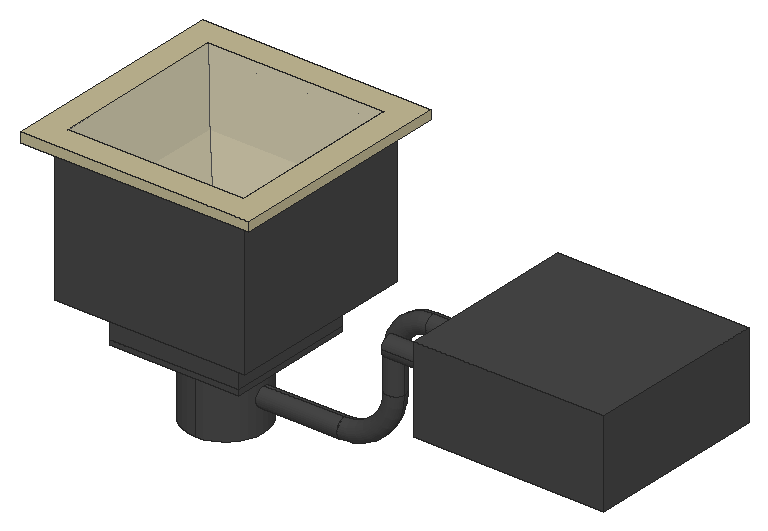
Revit family "J315", category Lighting Fixtures, host Face, Revit 2012
Parameters (values of type "J315_13W_Xicato_1100_lm_3000K")
  ceiling thickness = -1 1/2"
  Width = 16 1/4"
  Wattage Comments = "13W"
  Wattage = 13 W
  built-in parameter 1150110 = 1 (stored number, unit not read)
  Voltage = 120 V
  URL = "http://www.kurtversen.com/"
  built-in parameter 1114217 = 1 (stored number, unit not read)
  Tilt Angle = -90.00°
  built-in parameter 1150109 = 1 (stored number, unit not read)
  built-in parameter 1150134 = (empty or 0)
  built-in parameter 1150113 = 1 (stored number, unit not read)
  Product Page URL = "http://www.kurtversen.com/products/j315/"
  Product Documentation Link = "http://www.kurtversen.com/content/products/specs/specs_files/kv_j315_page.pdf"
  Photometric Web File = "J315_13W_Xicato_1100_lm_3000K.ies"
  Model = "J315"  # constant formula
  Manufacturer Phone = "(201)-664-8200"  # constant formula
  Manufacturer Fax = "(201)-664-4801"  # constant formula
  Manufacturer = "Kurtversen Lighting"  # constant formula
  built-in parameter 1150105 = 52.76 (stored number, unit not read)
  Lumens = 663 lm
  built-in parameter 1150115 = 1 (stored number, unit not read)
  built-in parameter 1150137 = (empty or 0)
  built-in parameter 1150139 = (empty or 0)
  Length = 16 1/16"
  built-in parameter 1150112 = 1 (stored number, unit not read)
  built-in parameter 1150114 = 1 (stored number, unit not read)
  Lamp = "LED Lamp"
  built-in parameter 1150132 = (empty or 0)
  built-in parameter 1150102 = (empty or 0)
  built-in parameter 1150107 = 3000 (stored number, unit not read)
  built-in parameter 1150138 = (empty or 0)
  built-in parameter 1150106 = 0.5276 (stored number, unit not read)
  Finish = Matte Black
  Emit from Line Length = 1"
  built-in parameter 1150104 = 4.7381 (stored number, unit not read)
  Dimming Lamp Color Temperature Shift = <None>
  Description = "Lens Wall Wash, 3 1/2 inch Square Aperture"  # constant formula
  Depth = 6 3/4"
  Default Elevation = 48"
  Cone Finish = J315 Cone : Gold cone
  Color Filter = 16777215
  built-in parameter 1114218 = 1 (stored number, unit not read)
  built-in parameter 1150133 = 10 (stored number, unit not read)
  Apparent Load = 13 VA
  Aperture = 3 1/2"
Types (4): name | Wattage Comments | Photometric Web File | Apparent Load
  (no name) | "13W" | "J315_13W_Xicato_1100_lm_3000K.ies" | 13 VA
  J315_13W_Xicato_1100_lm_3000K | "13W" | "J315_13W_Xicato_1100_lm_3000K.ies" | 13 VA
  J315_18W_Xicato_1500_lm_3000K | "18W" | "J315_18W_Xicato_1500_lm_3000K.ies" | 18 VA
  J315_24W_Xicato_2100_lm_3000K | "24W" | "J315_24W_Xicato_2100_lm_3000K.ies" | 24 VA
Reference planes (in)
  plane 1 "Center (Front/Back)": y = 0
  plane 2: z = 0
  plane 3 "Center (Left/Right)": x = -0.3335
  plane 4: y = 2.375
  plane 5: z = -6.75
  plane 6: y = -2.375
  plane 7: y = 8.03125
  plane 8: y = -8.03125
  plane 9: y = 6.03125
  plane 10: y = -6.03125
  plane 11: x = -6.125
  plane 12: x = 5.45799
  plane 13: y = 1.375
  plane 14: y = -1.375
  plane 15: y = -6.53125
  plane 16: y = 6.53125
  plane 17: z = -3.75
  plane 18: x = 2.1665
  plane 19: x = -2.8335
  plane 20: y = -1
  plane 21: y = 1
  plane 22: z = -1.5
  plane 23: x = 6.5
  plane 24: x = 11.5
  plane 25: x = 5
Forms (in)
  Extrusion 1, void
    sketch origin (0, 6.03125, -1.375) x (1, 0, 0) y (0, -1, 0)
      loop
        line (-2.8335, 3.53125) -> (2.1665, 3.53125) -> (2.1665, 8.53125) -> (-2.8335, 8.53125) -> (-2.8335, 3.53125)
    from -1.375 to 2.375
  Extrusion 2, void
    sketch origin (-0.3335, 0, 0) x (0, 1, 0) y (0, 0, 1)
      loop
        line (2.375, 0) -> (-2.375, 0) -> (-2.375, -1.5) -> (2.375, -1.5) -> (2.375, 0)
    from 2.5 to -2.5
  Extrusion 3, solid, material "Matte Black" <- "Finish"
    sketch origin (-2.02817, 1.69467, -3.75) x (0, -1, 0) y (1, 0, 0)
      loop
        line (0, 0) -> (3.38934, 0) -> (3.38934, 3.38934) -> (0, 3.38934) -> (0, 0)
      loop
        line (0.07295, 0.07295) -> (3.31689, 0.07295) -> (3.31689, 3.31689) -> (0.07295, 3.31689) -> (0.07295, 0.07295)
    from 0 to -1
  Extrusion 4, solid, material "Matte Black" <- "Finish"
    sketch origin (-2.02817, 1.69467, -4.75) x (1, 0, 0) y (0, -1, 0)
      loop
        line (0, 0) -> (3.38934, 0) -> (3.38934, 3.38934) -> (0, 3.38934) -> (0, 0)
    from 0 to 0.125
  Extrusion 5, solid, material "Matte Black" <- "Finish"
    sketch origin (-2.02817, 1.69467, -4.875) x (0, 1, 0) y (1, 0, 0)
      loop
        circle (-1.69467, 1.69467) r 1
    from 0 to 1.875
  Extrusion 6, solid, material "Matte Black" <- "Finish"
    sketch origin (0, 0, 0) x (1, 0, 0) y (0, 1, 0)
      loop
        line (6.5, 2.375) -> (6.5, -2.375) -> (11.5, -2.375) -> (11.5, 2.375) -> (6.5, 2.375)
    from -1.5 to -3.75
  Sweep 7, solid, material "Matte Black" <- "Finish"
    path origin (0, 0, 0) x (1, 0, 0) y (0, 0, 1)
      loop
        line (6.625, -2.625) -> (5.125, -2.625)
        arc (5.125, -2.625) -> (4.41789, -2.91789) -> (4.125, -3.625) r 1
        line (4.125, -3.625) -> (4.125, -4.5415)
        arc (4.125, -4.5415) -> (3.73443, -5.48443) -> (2.7915, -5.875) r 1.3335
        line (2.7915, -5.875) -> (0.5415, -5.875)
    profile origin (5.875, 0, -2.625) x (0, 0, -1) y (0, -1, 0)
      loop
        circle (0, 0) r 0.25
  Extrusion 8, solid, material "Matte Black" <- "Finish"
    sketch origin (6.5, 1.625, 0) x (0, 1, 0) y (0, 0, -1)
      loop
        circle (-2.92227, 2.59146) r 0.25
    from 0 to 1.5
Cuts and joins
  joined: Extrusion 4, Extrusion 5
  joined: Extrusion 6, Sweep 7, Extrusion 8
Lines and regions (in)
  reference lines
    curve 1: arc (6.5, -1.54727, -2.59146) -> (6.5, -1.29727, -2.34146) -> (6.5, -1.04727, -2.59146) r 0.25
    curve 2: arc (6.5, -1.04727, -2.59146) -> (6.5, -1.29727, -2.84146) -> (6.5, -1.54727, -2.59146) r 0.25
    curve 3: arc (-0.3335, -1, -4.875) -> (-1.3335, 0, -4.875) -> (-0.3335, 1, -4.875) r 1
    curve 4: arc (-0.3335, 1, -4.875) -> (0.6665, 0, -4.875) -> (-0.3335, -1, -4.875) r 1
Dimensions and locks (in)
  locked: host sketch curve to host sketch curve at 48  (x2)
  equal spacing: host sketch curve, plane 3 "Center (Left/Right)", host sketch curve
  equal spacing: host sketch curve, plane 1 "Center (Front/Back)", host sketch curve
  plane 3 "Center (Left/Right)" to host sketch curve = 24"
  plane 1 "Center (Front/Back)" to host sketch curve = 24"
  "Depth": plane 2 to plane 5
  equal spacing: plane 4, plane 1 "Center (Front/Back)", plane 6
  plane 4 to plane 6 = 4 3/4"
  equal spacing: plane 8, plane 1 "Center (Front/Back)", plane 7
  "Length": plane 8 to plane 7
  equal spacing: plane 10, plane 1 "Center (Front/Back)", plane 9
  locked: plane 8 to plane 10 at 2
  equal spacing: plane 11, plane 3 "Center (Left/Right)", plane 12
  equal spacing: plane 13, plane 1 "Center (Front/Back)", plane 14
  plane 4 to plane 13 = 1"
  equal spacing: plane 15, plane 1 "Center (Front/Back)", plane 16
  locked: plane 15 to plane 10 at 0.5
  plane 2 to plane 17 = 3 3/4"
  Extrusion 1 sketch curve to plane 3 "Center (Left/Right)" to Extrusion 1 sketch curve = 2 1/2", 2 1/2"
  plane 1 "Center (Front/Back)" to Extrusion 1 sketch curve = 2 1/2"
  plane 19 to plane 3 "Center (Left/Right)" to plane 18 = 2 1/2" locked, 2 1/2" locked
  plane 20 to plane 1 "Center (Front/Back)" to plane 21 = 1" locked, 1" locked
  equal spacing: plane 18, plane 3 "Center (Left/Right)", plane 19
  plane 18 to plane 19 = 5"
  host face to plane 5 = 6 3/4"
  nested 1 to plane 23 = 3.8335"
  locked: plane 23 to plane 24 at 5
  locked: plane 25 to cut or joined group of Extrusion 6, Sweep 7, Extrusion 8 at 1.5
  locked: Sweep 7 sketch curve to plane 17 at 1.125
  locked: Sweep 7 sketch curve to plane 25 at 0.875
  locked: Sweep 7 sketch curve to plane 5 at 0.875
  aligned and locked: plane 2 to host face
  aligned and locked: level to host face
  aligned and locked: Extrusion 1 to plane 17
  aligned and locked: Extrusion 1 to plane 18
  aligned and locked: plane 3 "Center (Left/Right)" to imposter light
  aligned and locked: level to Extrusion 2 sketch curve
  aligned and locked: Extrusion 2 sketch curve to plane 4
  aligned and locked: Extrusion 2 to plane 18
  aligned and locked: Extrusion 2 to Extrusion 1
  aligned and locked: plane 1 "Center (Front/Back)" to nested 1
  aligned and locked: level to Extrusion 1
  aligned and locked: Extrusion 3 sketch curve to nested 1  (x7)
  aligned and locked: nested 1 to Extrusion 3 sketch curve
  aligned and locked: Extrusion 4 sketch curve to nested 1  (x4)
  aligned and locked: Extrusion 5 to plane 5
  aligned and locked: Extrusion 6 sketch curve to plane 6
  aligned and locked: plane 4 to Extrusion 6 sketch curve
  aligned and locked: plane 23 to Extrusion 6
  aligned and locked: Extrusion 6 sketch curve to plane 23
  aligned and locked: plane 24 to Extrusion 6 sketch curve
  aligned and locked: Extrusion 6 to plane 17
  aligned and locked: curve 2 to Extrusion 8
  aligned and locked: plane 25 to Extrusion 8
  aligned and locked: imposter light to nested 1
  aligned and locked: imposter light to plane 1 "Center (Front/Back)"
  aligned and locked: curve 3 to cut or joined group of Extrusion 4, Extrusion 5
  aligned and locked: curve 4 to cut or joined group of Extrusion 4, Extrusion 5
Automatic sketch dimensions
  Extrusion 2 sketch curve to plane 6 = 0"
  Extrusion 2 sketch curve to level = 1 1/2"
  plane 6 to Extrusion 1 sketch curve = 1/8"
  Extrusion 4 to Extrusion 5 sketch curve = 1.69467"  (x2)
  plane 3 "Center (Left/Right)" to Sweep 7 sketch curve = 7/8"
  Sweep 7 sketch curve to plane 18 = 5/8"
  Sweep 7 sketch curve to plane 23 = 1/8"
  plane 17 to Sweep 7 sketch curve = 1/8"
  Sweep 7 sketch curve to plane 1 "Center (Front/Back)" = 0"
  Sweep 7 sketch curve to profile plane = 0"
  Extrusion 8 sketch curve to Extrusion 6 = 1.07773"
  Extrusion 6 to Extrusion 8 sketch curve = 1.09146"
  curve 1 to curve 1 = 1/4"
  curve 1 to curve 2 = 0"  (x2)
  curve 3 to curve 4 = 0"  (x2)
  curve 3 to curve 4 = 1"
  radius of Extrusion 5 sketch curve = 1"
  radius of Sweep 7 sketch curve = 1/4"
  radius of Extrusion 8 sketch curve = 1/4"
Nested families (in)
  nested 1: "J315 Cone" at (-0.3335, 0, 0), type <- "Cone Finish", Aperture <- "Aperture", type "Gold cone"
    with Finish Matte Black, Ceiling Cut Out 5", Aperture 3 1/2"
Connectors (in)
  electrical at (-0.3335, 0, -6.75), driven by "Voltage", driven by "Description"
    settings: on cut or joined group of Extrusion 4, Extrusion 5, index 1, voltage 120 V, apparent load 0 VA, apparent load phase1 0 VA, apparent load phase2 0 VA, apparent load phase3 0 VA, power factor 1, load classification "Other", number of poles 1, system type 30, power factor state 1, is connector primary yes, connector utility no, sub classification motor no, connector description "Lens Wall Wash, 3 1/2 inch Square Aperture"
Definition of nested family "J315 Cone"
  Parameters (values of type "Pewter Cone")
    ceiling thickness = -6"
    Voltage = 120 V
    URL = "http://www.kurtversen.com/"
    Product Page URL = ""
    Product Documentation Link = ""
    Model = ""
    Manufacturer Phone = "(201)-664-8200"  # constant formula
    Manufacturer Fax = "(201)-664-4801"  # constant formula
    Manufacturer = "kurtversen Lighting"  # constant formula
    Inputs Watts = 0 W
    Glass = White Glass
    Finish [instance] = Matte Black
    Description = ""
    Default Elevation = 48"
    Cone Finish = Pewter
    Ceiling Cut Out [instance] = 3 7/8"
    Apparent Load = 0 VA
    Aperture [instance] = 3 1/2"
  Types (4): name | Model | Cone Finish | Ceiling Cut Out | Aperture
    Black Cone | "B3232" | Matte Black | 5" | 4 1/2"
    Gold cone | "B3232" | Gold | 5" | 4 1/2"
    Wheat Cone | "B3232" | Wheat | 5" | 4 1/2"
    Pewter Cone | "" | Pewter | 3 7/8" | 3 1/2"
  Reference planes (in)
    plane 1 "Center (Front/Back)": y = 0
    plane 2: z = 0
    plane 3 "Center (Left/Right)": x = 0
    plane 4: y = 1.9375
    plane 5: y = -1.9375
    plane 6: z = -3.75
    plane 7: y = 1.75
    plane 8: y = -1.75
    plane 9: z = 0.25
    plane 10: y = -2.4375
    plane 11: y = 2.4375
    plane 12: y = 0.25
    plane 13: y = -0.25
    plane 14: z = -3.5
    plane 15: y = 1.8125
    plane 16: x = -1.5
    plane 17: x = 1.5
    plane 18: x = 1.75
    plane 19: y = -1.8125
    plane 20: x = -1.75
    plane 21: x = -1.9375
    plane 22: x = 1.9375
    plane 23: x = -1.875
    plane 24: x = 1.875
  Forms (in)
    Extrusion 1, solid
      sketch origin (0, 0, 0) x (1, 0, 0) y (0, 1, 0)
        loop
          line (-24, 24) -> (-24, -24) -> (24, -24) -> (24, 24) -> (-24, 24)
      from 0 to -6 <- "ceiling thickness"
    Sweep 2, solid, material "Matte Black" <- "Finish"
      path origin (0, 0, 0) x (1, 0, 0) y (0, 1, 0)
        loop
          line (-1.9375, 1.9375) -> (-1.9375, -1.9375) -> (1.9375, -1.9375) -> (1.9375, 1.9375) -> (-1.9375, 1.9375)
      profile origin (0, 1.9375, 0) x (0, 1, 0) y (0, 0, 1)
        loop
          line (0, 0) -> (-0.125, 0) -> (-0.125, -3.75) -> (0, -3.75) -> (0, 0)
    Sweep 3, solid, material "Pewter" <- "Cone Finish"
      path origin (0, 0, 0) x (1, 0, 0) y (0, 1, 0)
        loop
          line (-1.9375, 1.9375) -> (-1.9375, -1.9375) -> (1.9375, -1.9375) -> (1.9375, 1.9375) -> (-1.9375, 1.9375)
      profile origin (0, 1.9375, 0) x (0, 1, 0) y (0, 0, 1)
        loop
          line (0, 0) -> (0.5, 0) -> (0.5, 0.25) -> (-0.1875, 0.25)
          arc (-0.1875, 0.25) -> (-0.34304, -1.6599) -> (-0.87778, -3.5) r 9.52315
          line (-0.87778, -3.5) -> (-0.80533, -3.5)
          arc (-0.80533, -3.5) -> (-0.30251, -1.78162) -> (-0.125, 0) r 9.67315
          line (-0.125, 0) -> (0, 0)
    Extrusion 4, solid, material "White Glass" <- "Glass"
      sketch origin (0, 0, 0) x (1, 0, 0) y (0, 1, 0)
        loop
          line (1.75, 1.75) -> (-1.75, 1.75) -> (-1.75, -1.75) -> (1.75, -1.75) -> (1.75, 1.75)
      from 0 to 0.25
    Extrusion 5, solid, material "Pewter" <- "Cone Finish"
      sketch origin (0, 0, 0) x (1, 0, 0) y (0, 1, 0)
        loop
          line (-1.13217, 1.13217) -> (-1.13217, -1.13217) -> (1.13217, -1.13217) -> (1.13217, 1.13217) -> (-1.13217, 1.13217)
      from -3.75 to -3.5
  Cuts and joins
    joined: Sweep 3, Extrusion 5
  Dimensions and locks (in)
    locked: Extrusion 1 sketch curve to Extrusion 1 sketch curve at 48  (x2)
    equal spacing: Extrusion 1 sketch curve, plane 3 "Center (Left/Right)", Extrusion 1 sketch curve
    equal spacing: Extrusion 1 sketch curve, plane 1 "Center (Front/Back)", Extrusion 1 sketch curve
    plane 3 "Center (Left/Right)" to Extrusion 1 sketch curve = 24"
    plane 1 "Center (Front/Back)" to Extrusion 1 sketch curve = 24"
    equal spacing: plane 4, plane 1 "Center (Front/Back)", plane 5
    "Ceiling Cut Out": plane 4 to plane 5
    locked: plane 2 to plane 6 at 3.75
    equal spacing: plane 8, plane 1 "Center (Front/Back)", plane 7
    "Aperture": plane 8 to plane 7
    locked: plane 9 to plane 2 at 0.25
    equal spacing: plane 11, plane 1 "Center (Front/Back)", plane 10
    locked: plane 11 to plane 4 at 0.5
    equal spacing: plane 13, plane 1 "Center (Front/Back)", plane 12
    locked: plane 12 to plane 7 at 1.5
    locked: plane 14 to plane 6 at 0.25
    locked: plane 4 to plane 15 at 0.125
    equal spacing: plane 17, plane 3 "Center (Left/Right)", plane 16
    locked: plane 17 to plane 3 "Center (Left/Right)" at 1.5
    equal spacing: plane 15, plane 1 "Center (Front/Back)", plane 19
    equal spacing: plane 18, plane 3 "Center (Left/Right)", plane 20
    "Aperture": plane 18 to plane 20
    locked: plane 20 to plane 23 at 0.125
    equal spacing: plane 24, plane 3 "Center (Left/Right)", plane 23
    equal spacing: plane 22, plane 3 "Center (Left/Right)", plane 21
    "Ceiling Cut Out": plane 22 to plane 21
    aligned and locked: plane 2 to Extrusion 1
    aligned and locked: level to Extrusion 1
    aligned and locked: plane 4 to Sweep 2 sketch curve
    aligned and locked: plane 21 to Sweep 2 sketch curve
    aligned and locked: Sweep 2 sketch curve to plane 5
    aligned and locked: Sweep 2 sketch curve to plane 22
    aligned and locked: profile plane to Sweep 2 sketch curve
    aligned and locked: Sweep 2 sketch curve to profile plane
    aligned and locked: Sweep 2 sketch curve to plane 6
    aligned and locked: plane 15 to Sweep 2 sketch curve
    aligned and locked: Sweep 3 sketch curve to Sweep 2  (x4)
    aligned and locked: level to Sweep 3 sketch curve
    aligned and locked: plane 11 to Sweep 3 sketch curve
    aligned and locked: Extrusion 4 to level
    aligned and locked: plane 9 to Extrusion 4
    aligned and locked: Extrusion 5 sketch curve to Sweep 3  (x4)
    aligned and locked: Extrusion 5 to plane 6
    aligned and locked: plane 14 to Extrusion 5
    aligned and locked: Extrusion 4 sketch curve to cut or joined group of Sweep 3, Extrusion 5  (x4)
  Automatic sketch dimensions
    Sweep 3 sketch curve to Sweep 3 sketch curve = 0"
    Sweep 3 sketch curve to profile plane = 0"
    profile plane to Sweep 3 sketch curve = 1/8"
    Sweep 3 sketch curve to Sweep 3 sketch curve = 0.07245"
    level to Sweep 3 sketch curve = 0.06411"
    Sweep 3 sketch curve to Sweep 3 sketch curve = 0.0891"
    profile plane to Sweep 3 sketch curve = 3/16"
    profile plane to Sweep 3 sketch curve = 0.80533"
    Sweep 3 sketch curve to Sweep 3 sketch curve = 9.52134"
